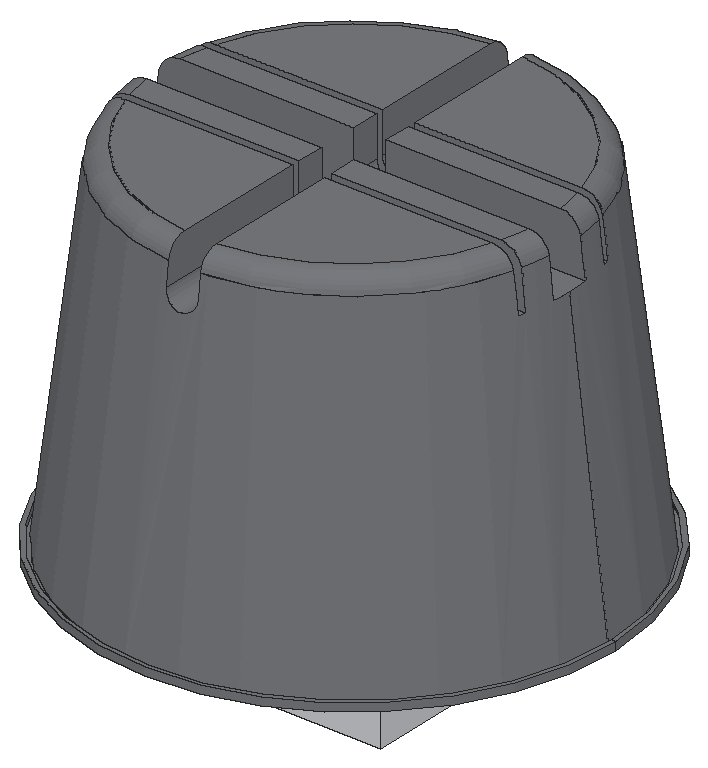
Revit family "IEK_Держатель проводника круглого_8мм_Плоская кровля", category Обобщенные модели, Revit 2019
Family settings
  Основа = Грань
  Может служить основой для арматурных стержней = Нет
  Размер круглого соединителя = Использовать диаметр
  Тип детали = Нормальный
  При загрузке вырезать с полостями = Нет
  Общий = Да
  Точка расчета площади = Нет
Parameters (values of type "8мм_Пластик с бетоном")
  Default Elevation = 0 mm
  Description = ""
  KSI_CPr_Строительные изделия = ""
  KSI_CMa_Строительные материалы = "01.7.14.03"
  IEK_Цена за единицу = 224.95
  IEK_Поиск в таблице имен = ""
  IEK_Описание = "Универсальная конструкция держателя позволяет использовать его с проводниками различной формы и габаритами."
  IEK_URL = "https://www.iek.ru/products/catalog/sistemy_dlya_prokladki_kabelya/molniezashchita_i_zazemlenie/passivnaya_molniezashchita_i_zazemlenie/derzhateli/derzhatel_provodnika_kruglogo_8mm_dlya_ploskoy_krovli_plastik_s_betonom_iek"
  ADSK_Примечание = ""
  ADSK_Позиция [instance] = ""
  ADSK_Наименование = "Держатель проводника круглого 8мм для плоской кровли пластик с бетоном IEK"
  ADSK_Материал обозначение = ""
  ADSK_Материал наименование = "Пластик с бетоном"
  ADSK_Материал = RAL 7024 Графитовый серый
  ADSK_Масса = 1
  ADSK_Марка = ""
  ADSK_Код изделия = "ZDP80-70-6-08"
  ADSK_Завод-изготовитель = "IEK"  # constant formula
  ADSK_Единица измерения = "шт"  # constant formula
  ADSK_Группирование = "VIII. ЭЛЕМЕНТЫ ВНЕШНЕЙ МОЛНИЕЗАЩИТЫ"  # constant formula
  ADSK_Версия семейства = "1.0"  # constant formula
  ADSK_Версия Revit = "2019"  # constant formula
  ADSK_URL страницы изделия = "https://www.iek.ru/products/catalog/sistemy_dlya_prokladki_kabelya/molniezashchita_i_zazemlenie/passivnaya_molniezashchita_i_zazemlenie/derzhateli/"
Types (3, lengths in mm): name | IEK_Цена за единицу | IEK_URL | ADSK_Наименование | ADSK_Материал наименование | ADSK_Масса | ADSK_Код изделия
  (no name) | 224.95 | "https://www.iek.ru/products/catalog/sistemy_dlya_prokladki_kabelya/molniezashchita_i_zazemlenie/passivnaya_molniezashchita_i_zazemlenie/derzhateli/derzhatel_provodnika_kruglogo_8mm_dlya_ploskoy_krovli_plastik_s_betonom_iek" | "Держатель проводника круглого 8мм для плоской кровли пластик с бетоном IEK" | "Пластик с бетоном" | 1 | "ZDP80-70-6-08"
  8мм_Пластик с бетоном | 224.95 | "https://www.iek.ru/products/catalog/sistemy_dlya_prokladki_kabelya/molniezashchita_i_zazemlenie/passivnaya_molniezashchita_i_zazemlenie/derzhateli/derzhatel_provodnika_kruglogo_8mm_dlya_ploskoy_krovli_plastik_s_betonom_iek" | "Держатель проводника круглого 8мм для плоской кровли пластик с бетоном IEK" | "Пластик с бетоном" | 1 | "ZDP80-70-6-08"
  8мм_Пластик | 240 | "https://www.iek.ru/products/catalog/sistemy_dlya_prokladki_kabelya/molniezashchita_i_zazemlenie/passivnaya_molniezashchita_i_zazemlenie/derzhateli/derzhatel_provodnika_kruglogo_8mm_dlya_ploskoy_krovli_plastik_iek" | "Держатель проводника круглого 8мм для плоской кровли пластик IEK" | "Пластик" | 0.1 | "ZDP80-60-6-08"
Reference planes
  plane 1 "По центру (Вперед/Назад)": y = 0
  plane 2: z = 0
  plane 3 "По центру (Влево/Вправо)": x = 0
  plane 4: x = -65
  plane 5: z = 90
Forms (mm)
  Extrusion 1, solid
    sketch origin (0, 0, 0) x (1, 0, 0) y (0, 1, 0)
      loop
        line (-37.5, 42.291) -> (-37.5, -38.489) -> (37.5, -38.489) -> (37.5, 42.291) -> (-37.5, 42.291)
    from 0 to -14.533
  Revolve 2, solid, material "RAL 7024 Графитовый серый"
    sketch origin (0, 0, 0) x (1, 0, 0) y (0, 0, 1)
      loop
        line (0, 90) -> (-47.649, 90)
        arc (-47.649, 90) -> (-50.962, 88.745) -> (-52.611, 85.609) r 5
        line (-52.611, 85.609) -> (-63, 1) -> (-64, 1) -> (-64, 2) -> (-65, 2) -> (-65, 0) -> (0, 0) -> (0, 90)
      axis (0, 90) -> (0, 0)
    angle from 0 to 360
  Extrusion 3, void
    sketch origin (0, 0, 0) x (1, 0, 0) y (0, 0, 1)
      loop
        line (-4, 90) -> (-4, 80)
        arc (-4, 80) -> (0, 76) -> (4, 80) r 4
        line (4, 80) -> (4, 90) -> (-4, 90)
    from -69.689 to 70.559
  Extrusion 4, void
    sketch origin (0, 0, 0) x (0, 1, 0) y (0, 0, 1)
      loop
        line (-5, 90) -> (-5, 76) -> (5, 76) -> (5, 90) -> (-5, 90)
      loop
        line (-12, 90) -> (-14, 90) -> (-14, 76) -> (-12, 76) -> (-12, 90)
      loop
        line (12, 90) -> (12, 76) -> (14, 76) -> (14, 90) -> (12, 90)
    from -70.903 to 68.819
Cuts and joins
  Extrusion 3, Extrusion 4 cuts Revolve 2
Dimensions and locks
  aligned and locked: plane 2 to Extrusion 1
  aligned and locked: level to Extrusion 1
